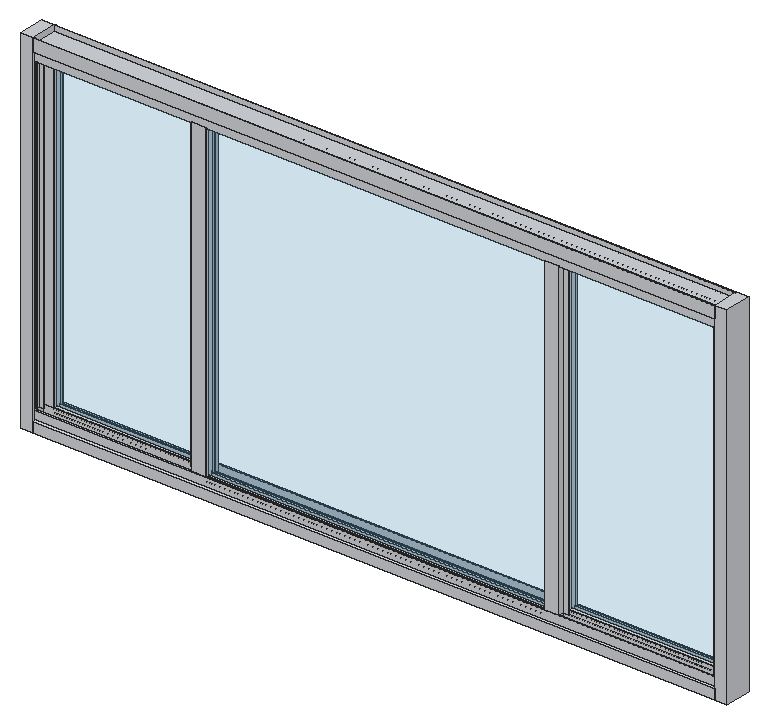
Revit family "MT-VMS_DB-SG_XOX", category Windows, host Wall, Revit 2017 (continued)
Definition of nested family "VMS_DB-SG_XOX_101mm"
  Definition of nested family "VMS_DB-SG_GLAZED PANEL"
    Definition of nested family "VMS_VM64_SILL DETAIL_FINE"
      Reference planes
        plane 1 "Center (Front/Back)": y = 0
        plane 2: z = 0
        plane 3 "Center (Left/Right)": x = 0
      Lines and regions (mm)
        model lines, in view "Ref. Level"
          curve 1: arc (4.124, -13.835, 0) -> (4.075, -13.45, 0) -> (4.124, -13.065, 0) r 1.525
          curve 2: arc (4.529, -12.365, 0) -> (4.813, -12.144, 0) -> (5.14, -11.996, 0) r 1.525
          curve 3: arc (6.06, -11.996, 0) -> (6.369, -12.133, 0) -> (6.64, -12.334, 0) r 1.525
          curve 4: arc (6.64, -12.334, 0) -> (7.145, -12.421, 0) -> (7.426, -11.992, 0) r 0.468
          curve 5: arc (7.426, -11.154, 0) -> (7.404, -11.062, 0) -> (7.342, -10.991, 0) r 0.2
          curve 6: arc (7.342, -10.991, 0) -> (6.899, -10.731, 0) -> (6.419, -10.55, 0) r 3.014
          curve 7: arc (6.419, -10.55, 0) -> (6.261, -10.442, 0) -> (6.2, -10.261, 0) r 0.3
          curve 8: arc (6.2, -1.5, 0) -> (6.288, -1.288, 0) -> (6.5, -1.2, 0) r 0.3
          curve 9: arc (12.312, -1.2, 0) -> (12.453, -1.259, 0) -> (12.512, -1.4, 0) r 0.2
          curve 10: arc (12.512, -25.5, 0) -> (12.453, -25.641, 0) -> (12.312, -25.7, 0) r 0.2
          curve 11: arc (8.4, -25.7, 0) -> (8.259, -25.641, 0) -> (8.2, -25.5, 0) r 0.2
          curve 12: arc (8.2, -23.8, 0) -> (8.141, -23.659, 0) -> (8, -23.6, 0) r 0.2
          curve 13: arc (6.5, -23.6, 0) -> (6.288, -23.512, 0) -> (6.2, -23.3, 0) r 0.3
          curve 14: arc (6.2, -16.639, 0) -> (6.261, -16.458, 0) -> (6.419, -16.35, 0) r 0.3
          curve 15: arc (6.419, -16.35, 0) -> (6.899, -16.169, 0) -> (7.342, -15.909, 0) r 3.014
          curve 16: arc (7.342, -15.909, 0) -> (7.404, -15.838, 0) -> (7.426, -15.746, 0) r 0.2
          curve 17: arc (7.426, -14.908, 0) -> (7.145, -14.479, 0) -> (6.64, -14.566, 0) r 0.468
          curve 18: arc (6.64, -14.566, 0) -> (6.369, -14.767, 0) -> (6.06, -14.904, 0) r 1.525
          curve 19: arc (5.14, -14.904, 0) -> (4.813, -14.756, 0) -> (4.529, -14.535, 0) r 1.525
          curve 20: arc (2.1, -11.652, 0) -> (2.188, -11.864, 0) -> (2.4, -11.952, 0) r 0.3
          curve 21: arc (2.4, -14.952, 0) -> (2.188, -15.04, 0) -> (2.1, -15.252, 0) r 0.3
          curve 22: arc (0.8, -15.352, 0) -> (0.4, -14.952, 0) -> (0, -15.352, 0) r 0.4
          curve 23: arc (0, -19.208, 0) -> (0.088, -19.42, 0) -> (0.3, -19.508, 0) r 0.3
          curve 24: arc (0.9, -19.508, 0) -> (1.112, -19.42, 0) -> (1.2, -19.208, 0) r 0.3
          curve 25: arc (1.2, -17.808, 0) -> (1.288, -17.596, 0) -> (1.5, -17.508, 0) r 0.3
          curve 26: arc (3, -17.508, 0) -> (3.212, -17.42, 0) -> (3.3, -17.208, 0) r 0.3
          curve 27: arc (3.3, -16.724, 0) -> (3.388, -16.512, 0) -> (3.6, -16.424, 0) r 0.3
          curve 28: arc (4.7, -16.424, 0) -> (4.912, -16.512, 0) -> (5, -16.724, 0) r 0.3
          curve 29: arc (5, -23.3, 0) -> (4.912, -23.512, 0) -> (4.7, -23.6, 0) r 0.3
          curve 30: arc (0.3, -23.6, 0) -> (0.088, -23.688, 0) -> (0, -23.9, 0) r 0.3
          curve 31: arc (0, -26.4, 0) -> (0.146, -26.753, 0) -> (0.5, -26.9, 0) r 0.5
          curve 32: arc (2.102, -26.9, 0) -> (2.502, -26.5, 0) -> (2.102, -26.1, 0) r 0.4
          curve 33: arc (5.902, -26.1, 0) -> (5.502, -26.5, 0) -> (5.902, -26.9, 0) r 0.4
          curve 34: arc (19.253, -26.9, 0) -> (19.6, -26.57, 0) -> (19.287, -26.207, 0) r 0.347
          curve 35: arc (16.352, -25.917, 0) -> (16.099, -25.719, 0) -> (16.17, -25.406, 0) r 0.3
          curve 36: arc (16.838, -24.738, 0) -> (16.935, -24.673, 0) -> (17.05, -24.65, 0) r 0.3
          curve 37: arc (27.288, -24.95, 0) -> (27.906, -24.424, 0) -> (27.486, -23.73, 0) r 0.626
          curve 38: arc (26.677, -23.46, 0) -> (26.497, -23.488, 0) -> (26.414, -23.65, 0) r 0.2
          curve 39: arc (25.177, -23.46, 0) -> (24.997, -23.488, 0) -> (24.914, -23.65, 0) r 0.2
          curve 40: arc (23.677, -23.46, 0) -> (23.497, -23.488, 0) -> (23.414, -23.65, 0) r 0.2
          curve 41: arc (16.553, -23.45, 0) -> (16.438, -23.473, 0) -> (16.341, -23.538, 0) r 0.3
          curve 42: arc (14.426, -25.452, 0) -> (14.099, -25.517, 0) -> (13.914, -25.24, 0) r 0.3
          curve 43: arc (13.914, -14.116, 0) -> (13.884, -13.963, 0) -> (13.797, -13.833, 0) r 0.4
          curve 44: arc (13.797, -13.067, 0) -> (13.884, -12.937, 0) -> (13.914, -12.784, 0) r 0.4
          curve 45: arc (13.914, -2.069, 0) -> (14.079, -1.801, 0) -> (14.392, -1.827, 0) r 0.3
          curve 46: arc (14.392, -1.827, 0) -> (18.05, -3.074, 0) -> (21.914, -2.976, 0) r 10.984
          curve 47: arc (21.914, -3.233, 0) -> (22.026, -3.412, 0) -> (22.236, -3.391, 0) r 0.2
          curve 48: arc (23.092, -2.731, 0) -> (23.302, -2.71, 0) -> (23.414, -2.889, 0) r 0.2
          curve 49: arc (23.414, -3.233, 0) -> (23.526, -3.412, 0) -> (23.736, -3.391, 0) r 0.2
          curve 50: arc (24.592, -2.731, 0) -> (24.802, -2.71, 0) -> (24.914, -2.889, 0) r 0.2
          curve 51: arc (24.914, -3.233, 0) -> (25.026, -3.412, 0) -> (25.236, -3.391, 0) r 0.2
          curve 52: arc (26.092, -2.731, 0) -> (26.302, -2.71, 0) -> (26.414, -2.889, 0) r 0.2
          curve 53: arc (26.414, -3.233, 0) -> (26.496, -3.394, 0) -> (26.674, -3.423, 0) r 0.2
          curve 54: arc (27.634, -3.121, 0) -> (27.837, -2.976, 0) -> (27.914, -2.739, 0) r 0.4
          curve 55: arc (27.914, -0.8, 0) -> (27.68, -0.234, 0) -> (27.114, 0, 0) r 0.8
          curve 56: arc (25.737, 0, 0) -> (25.642, -0.015, 0) -> (25.558, -0.06, 0) r 0.3
          curve 57: arc (25.558, -0.06, 0) -> (19.709, -2, 0) -> (13.86, -0.06, 0) r 9.784
          curve 58: arc (13.86, -0.06, 0) -> (13.776, -0.015, 0) -> (13.681, 0, 0) r 0.3
          curve 59: arc (0.5, 0, 0) -> (0.146, -0.146, 0) -> (0, -0.5, 0) r 0.5
          curve 60: arc (0, -3, 0) -> (0.088, -3.212, 0) -> (0.3, -3.3, 0) r 0.3
          curve 61: arc (0.9, -3.3, 0) -> (1.112, -3.212, 0) -> (1.2, -3, 0) r 0.3
          curve 62: arc (1.2, -1.5, 0) -> (1.288, -1.288, 0) -> (1.5, -1.2, 0) r 0.3
          curve 63: arc (4.7, -1.2, 0) -> (4.912, -1.288, 0) -> (5, -1.5, 0) r 0.3
          curve 64: arc (5, -10.176, 0) -> (4.912, -10.388, 0) -> (4.7, -10.476, 0) r 0.3
          curve 65: arc (3.6, -10.476, 0) -> (3.388, -10.388, 0) -> (3.3, -10.176, 0) r 0.3
          curve 66: arc (3.3, -9.692, 0) -> (3.212, -9.48, 0) -> (3, -9.392, 0) r 0.3
          curve 67: arc (1.5, -9.392, 0) -> (1.288, -9.304, 0) -> (1.2, -9.092, 0) r 0.3
          curve 68: arc (1.2, -7.692, 0) -> (1.112, -7.48, 0) -> (0.9, -7.392, 0) r 0.3
          curve 69: arc (0.3, -7.392, 0) -> (0.088, -7.48, 0) -> (0, -7.692, 0) r 0.3
          curve 70: arc (0, -11.552, 0) -> (0.4, -11.952, 0) -> (0.8, -11.552, 0) r 0.4
          curve 71: line (4.529, -14.535, 0) -> (3.976, -14.387, 0)
          curve 72: line (3.976, -14.387, 0) -> (4.124, -13.835, 0)
          curve 73: line (4.124, -13.065, 0) -> (3.976, -12.513, 0)
          curve 74: line (3.976, -12.513, 0) -> (4.529, -12.365, 0)
          curve 75: line (5.14, -11.996, 0) -> (5.6, -11.576, 0)
          curve 76: line (5.6, -11.576, 0) -> (6.06, -11.996, 0)
          curve 77: line (7.426, -11.992, 0) -> (7.426, -11.154, 0)
          curve 78: line (6.2, -10.261, 0) -> (6.2, -1.5, 0)
          curve 79: line (6.5, -1.2, 0) -> (12.312, -1.2, 0)
          curve 80: line (12.512, -1.4, 0) -> (12.512, -25.5, 0)
          curve 81: line (12.312, -25.7, 0) -> (8.4, -25.7, 0)
          curve 82: line (8.2, -25.5, 0) -> (8.2, -23.8, 0)
          curve 83: line (8, -23.6, 0) -> (6.5, -23.6, 0)
          curve 84: line (6.2, -23.3, 0) -> (6.2, -16.639, 0)
          curve 85: line (7.426, -15.746, 0) -> (7.426, -14.908, 0)
          curve 86: line (6.06, -14.904, 0) -> (5.6, -15.324, 0)
          curve 87: line (5.6, -15.324, 0) -> (5.14, -14.904, 0)
          curve 88: line (2.4, -11.952, 0) -> (2.776, -11.952, 0)
          curve 89: line (2.776, -11.952, 0) -> (2.776, -14.952, 0)
          curve 90: line (2.776, -14.952, 0) -> (2.4, -14.952, 0)
          curve 91: line (2.1, -15.252, 0) -> (2.1, -16.452, 0)
          curve 92: line (2.1, -16.452, 0) -> (0.8, -16.452, 0)
          curve 93: line (0.8, -16.452, 0) -> (0.8, -15.352, 0)
          curve 94: line (0, -15.352, 0) -> (0, -19.208, 0)
          curve 95: line (0.3, -19.508, 0) -> (0.9, -19.508, 0)
          curve 96: line (1.2, -19.208, 0) -> (1.2, -17.808, 0)
          curve 97: line (1.5, -17.508, 0) -> (3, -17.508, 0)
          curve 98: line (3.3, -17.208, 0) -> (3.3, -16.724, 0)
          curve 99: line (3.6, -16.424, 0) -> (4.7, -16.424, 0)
          curve 100: line (5, -16.724, 0) -> (5, -23.3, 0)
          curve 101: line (4.7, -23.6, 0) -> (0.3, -23.6, 0)
          curve 102: line (0, -23.9, 0) -> (0, -26.4, 0)
          curve 103: line (0.5, -26.9, 0) -> (2.102, -26.9, 0)
          curve 104: line (2.102, -26.1, 0) -> (1.202, -26.1, 0)
          curve 105: line (1.202, -26.1, 0) -> (1.202, -24.8, 0)
          curve 106: line (1.202, -24.8, 0) -> (6.802, -24.8, 0)
          curve 107: line (6.802, -24.8, 0) -> (6.802, -26.1, 0)
          curve 108: line (6.802, -26.1, 0) -> (5.902, -26.1, 0)
          curve 109: line (5.902, -26.9, 0) -> (19.253, -26.9, 0)
          curve 110: line (19.287, -26.207, 0) -> (16.352, -25.917, 0)
          curve 111: line (16.17, -25.406, 0) -> (16.838, -24.738, 0)
          curve 112: line (17.05, -24.65, 0) -> (22.146, -24.65, 0)
          curve 113: line (22.146, -24.65, 0) -> (23.924, -24.95, 0)
          curve 114: line (23.924, -24.95, 0) -> (27.288, -24.95, 0)
          curve 115: line (27.486, -23.73, 0) -> (26.677, -23.46, 0)
          curve 116: line (26.414, -23.65, 0) -> (26.414, -23.872, 0)
          curve 117: line (26.414, -23.872, 0) -> (25.177, -23.46, 0)
          curve 118: line (24.914, -23.65, 0) -> (24.914, -23.872, 0)
          curve 119: line (24.914, -23.872, 0) -> (23.677, -23.46, 0)
          curve 120: line (23.414, -23.761, 0) -> (22.146, -23.45, 0)
          curve 121: line (22.146, -23.45, 0) -> (16.553, -23.45, 0)
          curve 122: line (16.341, -23.538, 0) -> (14.426, -25.452, 0)
          curve 123: line (13.914, -25.24, 0) -> (13.914, -14.116, 0)
          curve 124: line (13.797, -13.833, 0) -> (13.414, -13.45, 0)
          curve 125: line (13.414, -13.45, 0) -> (13.797, -13.067, 0)
          curve 126: line (13.914, -12.784, 0) -> (13.914, -2.069, 0)
          curve 127: line (21.914, -2.976, 0) -> (21.914, -3.233, 0)
          curve 128: line (22.236, -3.391, 0) -> (23.092, -2.731, 0)
          curve 129: line (23.414, -2.889, 0) -> (23.414, -3.233, 0)
          curve 130: line (23.736, -3.391, 0) -> (24.592, -2.731, 0)
          curve 131: line (24.914, -2.889, 0) -> (24.914, -3.233, 0)
          curve 132: line (25.236, -3.391, 0) -> (26.092, -2.731, 0)
          curve 133: line (26.414, -2.889, 0) -> (26.414, -3.233, 0)
          curve 134: line (26.674, -3.423, 0) -> (27.634, -3.121, 0)
          curve 135: line (27.914, -2.739, 0) -> (27.914, -0.8, 0)
          curve 136: line (27.114, 0, 0) -> (25.737, 0, 0)
          curve 137: line (13.681, 0, 0) -> (0.5, 0, 0)
          curve 138: line (0, -0.5, 0) -> (0, -3, 0)
          curve 139: line (0.3, -3.3, 0) -> (0.9, -3.3, 0)
          curve 140: line (1.2, -3, 0) -> (1.2, -1.5, 0)
          curve 141: line (1.5, -1.2, 0) -> (4.7, -1.2, 0)
          curve 142: line (5, -1.5, 0) -> (5, -10.176, 0)
          curve 143: line (4.7, -10.476, 0) -> (3.6, -10.476, 0)
          curve 144: line (3.3, -10.176, 0) -> (3.3, -9.692, 0)
          curve 145: line (3, -9.392, 0) -> (1.5, -9.392, 0)
          curve 146: line (1.2, -9.092, 0) -> (1.2, -7.692, 0)
          curve 147: line (0.9, -7.392, 0) -> (0.3, -7.392, 0)
          curve 148: line (0, -7.692, 0) -> (0, -11.552, 0)
          curve 149: line (0.8, -11.552, 0) -> (0.8, -10.452, 0)
          curve 150: line (0.8, -10.452, 0) -> (2.1, -10.452, 0)
          curve 151: line (2.1, -10.452, 0) -> (2.1, -11.652, 0)
    Definition of nested family "VMS_VM64_SILL DETAIL_MEDIUM"
      Reference planes
        plane 1 "Center (Front/Back)": y = 0
        plane 2: z = 0
        plane 3 "Center (Left/Right)": x = 0
      Lines and regions (mm)
        model lines, in view "Ref. Level"
          curve 1: line (1.202, -1.2, 0) -> (5, -1.2, 0)
          curve 2: line (12.512, -1.2, 0) -> (12.512, -25.7, 0)
          curve 3: line (12.512, -25.7, 0) -> (6.2, -25.7, 0)
          curve 4: line (6.2, -25.7, 0) -> (6.2, -1.2, 0)
          curve 5: line (5, -1.2, 0) -> (5, -25.7, 0)
          curve 6: line (0, 0, 0) -> (0, -26.9, 0)
          curve 7: line (1.202, -25.7, 0) -> (1.202, -1.2, 0)
          curve 8: line (0, -26.9, 0) -> (19.287, -26.9, 0)
          curve 9: line (19.287, -26.207, 0) -> (15.721, -25.854, 0)
          curve 10: line (15.721, -25.854, 0) -> (16.926, -24.65, 0)
          curve 11: line (16.926, -24.65, 0) -> (27.914, -24.65, 0)
          curve 12: line (27.914, -23.45, 0) -> (16.429, -23.45, 0)
          curve 13: line (16.429, -23.45, 0) -> (13.914, -25.965, 0)
          curve 14: line (13.914, -25.965, 0) -> (13.914, -1.2, 0)
          curve 15: line (27.914, -24.65, 0) -> (27.914, -23.45, 0)
          curve 16: line (27.914, 0, 0) -> (0, 0, 0)
          curve 18: line (6.2, -1.2, 0) -> (12.512, -1.2, 0)
          curve 19: line (5, -25.7, 0) -> (1.202, -25.7, 0)
          curve 20: line (27.914, -1.2, 0) -> (27.914, 0, 0)
          curve 21: line (13.914, -1.2, 0) -> (27.914, -1.2, 0)
        detail lines, in view "Ref. Level"
          curve 17: line (19.287, -26.207, 0) -> (19.287, -26.9, 0)
    Definition of nested family "VMS_VM5_SILL DETAIL_FINE"
      Reference planes
        plane 1 "Center (Front/Back)": y = 0
        plane 2: z = 0
        plane 3 "Center (Left/Right)": x = 0
      Lines and regions (mm)
        model lines, in view "Ref. Level"
          curve 1: arc (26.9, 5.9, 0) -> (26.783, 5.617, 0) -> (26.5, 5.5, 0) r 0.4
          curve 2: arc (26.5, 5.5, 0) -> (26.217, 5.617, 0) -> (26.1, 5.9, 0) r 0.4
          curve 3: arc (26.1, 2.1, 0) -> (26.217, 2.383, 0) -> (26.5, 2.5, 0) r 0.4
          curve 4: arc (26.5, 2.5, 0) -> (26.783, 2.383, 0) -> (26.9, 2.1, 0) r 0.4
          curve 5: arc (26.9, 0.5, 0) -> (26.754, 0.146, 0) -> (26.4, 0, 0) r 0.5
          curve 6: arc (23.9, 0, 0) -> (23.688, 0.088, 0) -> (23.6, 0.3, 0) r 0.3
          curve 7: arc (23.6, 4.7, 0) -> (23.512, 4.912, 0) -> (23.3, 5, 0) r 0.3
          curve 8: arc (16.724, 5, 0) -> (16.512, 4.912, 0) -> (16.424, 4.7, 0) r 0.3
          curve 9: arc (16.424, 3.6, 0) -> (16.512, 3.388, 0) -> (16.724, 3.3, 0) r 0.3
          curve 10: arc (17.208, 3.3, 0) -> (17.42, 3.212, 0) -> (17.508, 3, 0) r 0.3
          curve 11: arc (17.508, 1.5, 0) -> (17.596, 1.288, 0) -> (17.808, 1.2, 0) r 0.3
          curve 12: arc (19.208, 1.2, 0) -> (19.42, 1.112, 0) -> (19.508, 0.9, 0) r 0.3
          curve 13: arc (19.508, 0.3, 0) -> (19.42, 0.088, 0) -> (19.208, 0, 0) r 0.3
          curve 14: arc (15.348, 0, 0) -> (14.948, 0.4, 0) -> (15.348, 0.8, 0) r 0.4
          curve 15: arc (15.248, 2.1, 0) -> (15.036, 2.188, 0) -> (14.948, 2.4, 0) r 0.3
          curve 16: arc (11.948, 2.4, 0) -> (11.86, 2.188, 0) -> (11.648, 2.1, 0) r 0.3
          curve 17: arc (11.548, 0.8, 0) -> (11.948, 0.4, 0) -> (11.548, 0, 0) r 0.4
          curve 18: arc (7.692, 0, 0) -> (7.48, 0.088, 0) -> (7.392, 0.3, 0) r 0.3
          curve 19: arc (7.392, 0.9, 0) -> (7.48, 1.112, 0) -> (7.692, 1.2, 0) r 0.3
          curve 20: arc (9.092, 1.2, 0) -> (9.304, 1.288, 0) -> (9.392, 1.5, 0) r 0.3
          curve 21: arc (9.392, 3, 0) -> (9.48, 3.212, 0) -> (9.692, 3.3, 0) r 0.3
          curve 22: arc (10.176, 3.3, 0) -> (10.388, 3.388, 0) -> (10.476, 3.6, 0) r 0.3
          curve 23: arc (10.476, 4.7, 0) -> (10.388, 4.912, 0) -> (10.176, 5, 0) r 0.3
          curve 24: arc (3.6, 5, 0) -> (3.388, 4.912, 0) -> (3.3, 4.7, 0) r 0.3
          curve 25: arc (3.3, 0.3, 0) -> (3.212, 0.088, 0) -> (3, 0, 0) r 0.3
          curve 26: arc (0.5, 0, 0) -> (0.146, 0.146, 0) -> (0, 0.5, 0) r 0.5
          curve 27: arc (0, 2.1, 0) -> (0.117, 2.383, 0) -> (0.4, 2.5, 0) r 0.4
          curve 28: arc (0.4, 2.5, 0) -> (0.683, 2.383, 0) -> (0.8, 2.1, 0) r 0.4
          curve 29: arc (0.8, 5.9, 0) -> (0.683, 5.617, 0) -> (0.4, 5.5, 0) r 0.4
          curve 30: arc (0.4, 5.5, 0) -> (0.117, 5.617, 0) -> (0, 5.9, 0) r 0.4
          curve 31: arc (0, 13.679, 0) -> (0.015, 13.774, 0) -> (0.06, 13.858, 0) r 0.3
          curve 32: arc (0.06, 13.858, 0) -> (2, 19.707, 0) -> (0.06, 25.556, 0) r 9.784
          curve 33: arc (0.06, 25.556, 0) -> (0.015, 25.64, 0) -> (0, 25.735, 0) r 0.3
          curve 34: arc (0, 27.112, 0) -> (0.234, 27.678, 0) -> (0.8, 27.912, 0) r 0.8
          curve 35: arc (6.489, 27.912, 0) -> (6.723, 27.837, 0) -> (6.869, 27.639, 0) r 0.4
          curve 36: arc (7.19, 26.675, 0) -> (7.162, 26.495, 0) -> (7, 26.412, 0) r 0.2
          curve 37: arc (7.19, 25.175, 0) -> (7.162, 24.995, 0) -> (7, 24.912, 0) r 0.2
          curve 38: arc (7.19, 23.675, 0) -> (7.162, 23.495, 0) -> (7, 23.412, 0) r 0.2
          curve 39: arc (7.19, 22.175, 0) -> (7.162, 21.995, 0) -> (7, 21.912, 0) r 0.2
          curve 40: arc (6.362, 21.912, 0) -> (6.187, 21.969, 0) -> (6.078, 22.117, 0) r 0.3
          curve 41: arc (5.4, 26.112, 0) -> (5.312, 26.324, 0) -> (5.1, 26.412, 0) r 0.3
          curve 42: arc (1.879, 26.412, 0) -> (1.441, 26.152, 0) -> (1.459, 25.642, 0) r 0.5
          curve 43: arc (1.459, 25.642, 0) -> (3.194, 20.067, 0) -> (1.827, 14.39, 0) r 10.984
          curve 44: arc (1.827, 14.39, 0) -> (1.801, 14.077, 0) -> (2.069, 13.912, 0) r 0.3
          curve 45: arc (12.784, 13.912, 0) -> (12.937, 13.882, 0) -> (13.067, 13.795, 0) r 0.4
          curve 46: arc (13.833, 13.795, 0) -> (13.963, 13.882, 0) -> (14.116, 13.912, 0) r 0.4
          curve 47: arc (24.831, 13.912, 0) -> (25.099, 14.077, 0) -> (25.073, 14.39, 0) r 0.3
          curve 48: arc (25.073, 14.39, 0) -> (23.706, 20.067, 0) -> (25.441, 25.642, 0) r 10.984
          curve 49: arc (25.441, 25.642, 0) -> (25.459, 26.152, 0) -> (25.021, 26.412, 0) r 0.5
          curve 50: arc (21.8, 26.412, 0) -> (21.588, 26.324, 0) -> (21.5, 26.112, 0) r 0.3
          curve 51: arc (20.822, 22.117, 0) -> (20.713, 21.969, 0) -> (20.538, 21.912, 0) r 0.3
          curve 52: arc (19.9, 21.912, 0) -> (19.738, 21.995, 0) -> (19.71, 22.175, 0) r 0.2
          curve 53: arc (19.9, 23.412, 0) -> (19.738, 23.495, 0) -> (19.71, 23.675, 0) r 0.2
          curve 54: arc (19.9, 24.912, 0) -> (19.738, 24.995, 0) -> (19.71, 25.175, 0) r 0.2
          curve 55: arc (19.9, 26.412, 0) -> (19.738, 26.495, 0) -> (19.71, 26.675, 0) r 0.2
          curve 56: arc (20.031, 27.639, 0) -> (20.177, 27.837, 0) -> (20.411, 27.912, 0) r 0.4
          curve 57: arc (26.1, 27.912, 0) -> (26.666, 27.678, 0) -> (26.9, 27.112, 0) r 0.8
          curve 58: arc (26.9, 25.735, 0) -> (26.885, 25.64, 0) -> (26.84, 25.556, 0) r 0.3
          curve 59: arc (26.84, 25.556, 0) -> (24.9, 19.707, 0) -> (26.84, 13.858, 0) r 9.784
          curve 60: arc (26.84, 13.858, 0) -> (26.885, 13.774, 0) -> (26.9, 13.679, 0) r 0.3
          curve 61: arc (10.55, 6.419, 0) -> (10.731, 6.899, 0) -> (10.991, 7.342, 0) r 3.014
          curve 62: arc (10.991, 7.342, 0) -> (11.062, 7.404, 0) -> (11.154, 7.426, 0) r 0.2
          curve 63: arc (11.992, 7.426, 0) -> (12.421, 7.145, 0) -> (12.334, 6.64, 0) r 0.468
          curve 64: arc (12.334, 6.64, 0) -> (12.133, 6.369, 0) -> (11.996, 6.06, 0) r 1.525
          curve 65: arc (11.996, 5.14, 0) -> (12.144, 4.813, 0) -> (12.365, 4.529, 0) r 1.525
          curve 66: arc (13.065, 4.124, 0) -> (13.45, 4.075, 0) -> (13.835, 4.124, 0) r 1.525
          curve 67: arc (14.535, 4.529, 0) -> (14.756, 4.813, 0) -> (14.904, 5.14, 0) r 1.525
          curve 68: arc (14.904, 6.06, 0) -> (14.767, 6.369, 0) -> (14.566, 6.64, 0) r 1.525
          curve 69: arc (14.566, 6.64, 0) -> (14.479, 7.145, 0) -> (14.908, 7.426, 0) r 0.468
          curve 70: arc (15.746, 7.426, 0) -> (15.838, 7.404, 0) -> (15.909, 7.342, 0) r 0.2
          curve 71: arc (15.909, 7.342, 0) -> (16.169, 6.899, 0) -> (16.35, 6.419, 0) r 3.014
          curve 72: arc (16.35, 6.419, 0) -> (16.458, 6.261, 0) -> (16.639, 6.2, 0) r 0.3
          curve 73: arc (23.3, 6.2, 0) -> (23.512, 6.288, 0) -> (23.6, 6.5, 0) r 0.3
          curve 74: arc (23.6, 8, 0) -> (23.659, 8.141, 0) -> (23.8, 8.2, 0) r 0.2
          curve 75: arc (25.5, 8.2, 0) -> (25.641, 8.259, 0) -> (25.7, 8.4, 0) r 0.2
          curve 76: arc (25.7, 12.312, 0) -> (25.641, 12.453, 0) -> (25.5, 12.512, 0) r 0.2
          curve 77: arc (1.4, 12.512, 0) -> (1.259, 12.453, 0) -> (1.2, 12.312, 0) r 0.2
          curve 78: arc (1.2, 8.4, 0) -> (1.259, 8.259, 0) -> (1.4, 8.2, 0) r 0.2
          curve 79: arc (3.1, 8.2, 0) -> (3.241, 8.141, 0) -> (3.3, 8, 0) r 0.2
          curve 80: arc (3.3, 6.5, 0) -> (3.388, 6.288, 0) -> (3.6, 6.2, 0) r 0.3
          curve 81: line (26.1, 5.9, 0) -> (26.1, 7, 0)
          curve 82: line (26.1, 7, 0) -> (24.8, 7, 0)
          curve 83: line (24.8, 7, 0) -> (24.8, 1, 0)
          curve 84: line (24.8, 1, 0) -> (26.1, 1, 0)
          curve 85: line (26.1, 1, 0) -> (26.1, 2.1, 0)
          curve 86: line (26.9, 2.1, 0) -> (26.9, 0.5, 0)
          curve 87: line (26.4, 0, 0) -> (23.9, 0, 0)
          curve 88: line (23.6, 0.3, 0) -> (23.6, 4.7, 0)
          curve 89: line (23.3, 5, 0) -> (16.724, 5, 0)
          curve 90: line (16.424, 4.7, 0) -> (16.424, 3.6, 0)
          curve 91: line (16.724, 3.3, 0) -> (17.208, 3.3, 0)
          curve 92: line (17.508, 3, 0) -> (17.508, 1.5, 0)
          curve 93: line (17.808, 1.2, 0) -> (19.208, 1.2, 0)
          curve 94: line (19.508, 0.9, 0) -> (19.508, 0.3, 0)
          curve 95: line (19.208, 0, 0) -> (15.348, 0, 0)
          curve 96: line (15.348, 0.8, 0) -> (16.448, 0.8, 0)
          curve 97: line (16.448, 0.8, 0) -> (16.448, 2.1, 0)
          curve 98: line (16.448, 2.1, 0) -> (15.248, 2.1, 0)
          curve 99: line (14.948, 2.4, 0) -> (14.948, 2.776, 0)
          curve 100: line (14.948, 2.776, 0) -> (11.948, 2.776, 0)
          curve 101: line (11.948, 2.776, 0) -> (11.948, 2.4, 0)
          curve 102: line (11.648, 2.1, 0) -> (10.448, 2.1, 0)
          curve 103: line (10.448, 2.1, 0) -> (10.448, 0.8, 0)
          curve 104: line (10.448, 0.8, 0) -> (11.548, 0.8, 0)
          curve 105: line (11.548, 0, 0) -> (7.692, 0, 0)
          curve 106: line (7.392, 0.3, 0) -> (7.392, 0.9, 0)
          curve 107: line (7.692, 1.2, 0) -> (9.092, 1.2, 0)
          curve 108: line (9.392, 1.5, 0) -> (9.392, 3, 0)
          curve 109: line (9.692, 3.3, 0) -> (10.176, 3.3, 0)
          curve 110: line (10.476, 3.6, 0) -> (10.476, 4.7, 0)
          curve 111: line (10.176, 5, 0) -> (3.6, 5, 0)
          curve 112: line (3.3, 4.7, 0) -> (3.3, 0.3, 0)
          curve 113: line (3, 0, 0) -> (0.5, 0, 0)
          curve 114: line (0, 0.5, 0) -> (0, 2.1, 0)
          curve 115: line (0.8, 2.1, 0) -> (0.8, 1, 0)
          curve 116: line (0.8, 1, 0) -> (2.1, 1, 0)
          curve 117: line (2.1, 1, 0) -> (2.1, 7, 0)
          curve 118: line (2.1, 7, 0) -> (0.8, 7, 0)
          curve 119: line (0.8, 7, 0) -> (0.8, 5.9, 0)
          curve 120: line (0, 5.9, 0) -> (0, 13.679, 0)
          curve 121: line (0, 25.735, 0) -> (0, 27.112, 0)
          curve 122: line (0.8, 27.912, 0) -> (6.489, 27.912, 0)
          curve 123: line (6.869, 27.639, 0) -> (7.19, 26.675, 0)
          curve 124: line (7, 26.412, 0) -> (6.777, 26.412, 0)
          curve 125: line (6.777, 26.412, 0) -> (7.19, 25.175, 0)
          curve 126: line (7, 24.912, 0) -> (6.777, 24.912, 0)
          curve 127: line (6.777, 24.912, 0) -> (7.19, 23.675, 0)
          curve 128: line (7, 23.412, 0) -> (6.777, 23.412, 0)
          curve 129: line (6.777, 23.412, 0) -> (7.19, 22.175, 0)
          curve 130: line (7, 21.912, 0) -> (6.362, 21.912, 0)
          curve 131: line (6.078, 22.117, 0) -> (5.415, 24.104, 0)
          curve 132: line (5.415, 24.104, 0) -> (5.4, 26.112, 0)
          curve 133: line (5.1, 26.412, 0) -> (1.879, 26.412, 0)
          curve 134: line (2.069, 13.912, 0) -> (12.784, 13.912, 0)
          curve 135: line (13.067, 13.795, 0) -> (13.45, 13.412, 0)
          curve 136: line (13.45, 13.412, 0) -> (13.833, 13.795, 0)
          curve 137: line (14.116, 13.912, 0) -> (24.831, 13.912, 0)
          curve 138: line (25.021, 26.412, 0) -> (21.8, 26.412, 0)
          curve 139: line (21.5, 26.112, 0) -> (21.5, 24.198, 0)
          curve 140: line (21.5, 24.198, 0) -> (20.822, 22.117, 0)
          curve 141: line (20.538, 21.912, 0) -> (19.9, 21.912, 0)
          curve 142: line (19.71, 22.175, 0) -> (20.123, 23.412, 0)
          curve 143: line (20.123, 23.412, 0) -> (19.9, 23.412, 0)
          curve 144: line (19.71, 23.675, 0) -> (20.123, 24.912, 0)
          curve 145: line (20.123, 24.912, 0) -> (19.9, 24.912, 0)
          curve 146: line (19.71, 25.175, 0) -> (20.123, 26.412, 0)
          curve 147: line (20.123, 26.412, 0) -> (19.9, 26.412, 0)
          curve 148: line (19.71, 26.675, 0) -> (20.031, 27.639, 0)
          curve 149: line (20.411, 27.912, 0) -> (26.1, 27.912, 0)
          curve 150: line (26.9, 27.112, 0) -> (26.9, 25.735, 0)
          curve 151: line (26.9, 13.679, 0) -> (26.9, 5.9, 0)
          curve 152: line (11.154, 7.426, 0) -> (11.992, 7.426, 0)
          curve 153: line (11.996, 6.06, 0) -> (11.576, 5.6, 0)
          curve 154: line (11.576, 5.6, 0) -> (11.996, 5.14, 0)
          curve 155: line (12.365, 4.529, 0) -> (12.513, 3.976, 0)
          curve 156: line (12.513, 3.976, 0) -> (13.065, 4.124, 0)
          curve 157: line (13.835, 4.124, 0) -> (14.387, 3.976, 0)
          curve 158: line (14.387, 3.976, 0) -> (14.535, 4.529, 0)
          curve 159: line (14.904, 5.14, 0) -> (15.324, 5.6, 0)
          curve 160: line (15.324, 5.6, 0) -> (14.904, 6.06, 0)
          curve 161: line (14.908, 7.426, 0) -> (15.746, 7.426, 0)
          curve 162: line (16.639, 6.2, 0) -> (23.3, 6.2, 0)
          curve 163: line (23.6, 6.5, 0) -> (23.6, 8, 0)
          curve 164: line (23.8, 8.2, 0) -> (25.5, 8.2, 0)
          curve 165: line (25.7, 8.4, 0) -> (25.7, 12.312, 0)
          curve 166: line (25.5, 12.512, 0) -> (1.4, 12.512, 0)
          curve 167: line (1.2, 12.312, 0) -> (1.2, 8.4, 0)
          curve 168: line (1.4, 8.2, 0) -> (3.1, 8.2, 0)
          curve 169: line (3.3, 8, 0) -> (3.3, 6.5, 0)
          curve 170: line (3.6, 6.2, 0) -> (10.261, 6.2, 0)
          curve 171: arc (10.261, 6.2, 0) -> (10.442, 6.261, 0) -> (10.55, 6.419, 0) r 0.3
    Definition of nested family "VMS_VM5_SILL DETAIL_MEDIUM"
      Reference planes
        plane 1 "Center (Front/Back)": y = 0
        plane 2: z = 0
        plane 3 "Center (Left/Right)": x = 0
      Lines and regions (mm)
        model lines, in view "Ref. Level"
          curve 1: line (1.2, 1, 0) -> (25.7, 1, 0)
          curve 2: line (26.9, 0, 0) -> (0, 0, 0)
          curve 3: line (25.7, 5, 0) -> (1.2, 5, 0)
          curve 4: line (0, 0, 0) -> (0, 27.912, 0)
          curve 5: line (0, 27.912, 0) -> (6.489, 27.912, 0)
          curve 6: line (6.489, 21.912, 0) -> (5.432, 21.912, 0)
          curve 7: line (5.432, 21.912, 0) -> (5.398, 26.412, 0)
          curve 8: line (5.398, 26.412, 0) -> (1.2, 26.412, 0)
          curve 9: line (1.2, 13.912, 0) -> (25.7, 13.912, 0)
          curve 10: line (25.7, 26.412, 0) -> (21.5, 26.412, 0)
          curve 11: line (21.5, 26.412, 0) -> (21.5, 21.912, 0)
          curve 12: line (21.5, 21.912, 0) -> (20.411, 21.912, 0)
          curve 13: line (20.411, 27.912, 0) -> (26.9, 27.912, 0)
          curve 14: line (26.9, 27.912, 0) -> (26.9, 0, 0)
          curve 15: line (1.2, 6.2, 0) -> (25.7, 6.2, 0)
          curve 16: line (25.7, 1, 0) -> (25.7, 5, 0)
          curve 17: line (25.7, 12.512, 0) -> (1.2, 12.512, 0)
          curve 18: line (1.2, 26.412, 0) -> (1.2, 13.912, 0)
          curve 19: line (1.2, 5, 0) -> (1.2, 1, 0)
          curve 20: line (25.7, 13.912, 0) -> (25.7, 26.412, 0)
          curve 21: line (1.2, 12.512, 0) -> (1.2, 6.2, 0)
          curve 22: line (25.7, 6.2, 0) -> (25.7, 12.512, 0)
        detail lines, in view "Ref. Level"
          curve 23: line (6.489, 27.912, 0) -> (6.489, 21.912, 0)
          curve 24: line (20.411, 27.912, 0) -> (20.411, 21.912, 0)
    Definition of nested family "VMS_VM66_SILL DETAIL_FINE"
      Reference planes
        plane 1 "Center (Front/Back)": y = 0
        plane 2: z = 0
        plane 3 "Center (Left/Right)": x = 0
      Lines and regions (mm)
        model lines, in view "Ref. Level"
          curve 1: arc (11.648, 2.1, 0) -> (11.86, 2.188, 0) -> (11.948, 2.4, 0) r 0.3
          curve 2: arc (14.948, 2.4, 0) -> (15.036, 2.188, 0) -> (15.248, 2.1, 0) r 0.3
          curve 3: arc (15.348, 0.8, 0) -> (14.948, 0.4, 0) -> (15.348, 0, 0) r 0.4
          curve 4: arc (19.208, 0, 0) -> (19.42, 0.088, 0) -> (19.508, 0.3, 0) r 0.3
          curve 5: arc (19.508, 0.9, 0) -> (19.42, 1.112, 0) -> (19.208, 1.2, 0) r 0.3
          curve 6: arc (17.808, 1.2, 0) -> (17.596, 1.288, 0) -> (17.508, 1.5, 0) r 0.3
          curve 7: arc (17.508, 3, 0) -> (17.42, 3.212, 0) -> (17.208, 3.3, 0) r 0.3
          curve 8: arc (16.724, 3.3, 0) -> (16.512, 3.388, 0) -> (16.424, 3.6, 0) r 0.3
          curve 9: arc (16.424, 4.7, 0) -> (16.512, 4.912, 0) -> (16.724, 5, 0) r 0.3
          curve 10: arc (23.3, 5, 0) -> (23.512, 4.912, 0) -> (23.6, 4.7, 0) r 0.3
          curve 11: arc (23.6, 0.3, 0) -> (23.688, 0.088, 0) -> (23.9, 0, 0) r 0.3
          curve 12: arc (26.4, 0, 0) -> (26.753, 0.146, 0) -> (26.9, 0.5, 0) r 0.5
          curve 13: arc (26.9, 2.1, 0) -> (26.5, 2.5, 0) -> (26.1, 2.1, 0) r 0.4
          curve 14: arc (26.1, 5.9, 0) -> (26.5, 5.5, 0) -> (26.9, 5.9, 0) r 0.4
          curve 15: arc (26.9, 13.679, 0) -> (26.885, 13.774, 0) -> (26.84, 13.858, 0) r 0.3
          curve 16: arc (26.84, 13.858, 0) -> (24.9, 19.707, 0) -> (26.84, 25.556, 0) r 9.784
          curve 17: arc (26.84, 25.556, 0) -> (26.885, 25.64, 0) -> (26.9, 25.735, 0) r 0.3
          curve 18: arc (26.9, 27.112, 0) -> (26.666, 27.678, 0) -> (26.1, 27.912, 0) r 0.8
          curve 19: arc (24.161, 27.912, 0) -> (23.924, 27.835, 0) -> (23.779, 27.632, 0) r 0.4
          curve 20: arc (23.477, 26.672, 0) -> (23.506, 26.494, 0) -> (23.667, 26.412, 0) r 0.2
          curve 21: arc (24.011, 26.412, 0) -> (24.19, 26.3, 0) -> (24.169, 26.09, 0) r 0.2
          curve 22: arc (23.509, 25.234, 0) -> (23.488, 25.024, 0) -> (23.667, 24.912, 0) r 0.2
          curve 23: arc (24.011, 24.912, 0) -> (24.19, 24.8, 0) -> (24.169, 24.59, 0) r 0.2
          curve 24: arc (23.509, 23.734, 0) -> (23.488, 23.524, 0) -> (23.667, 23.412, 0) r 0.2
          curve 25: arc (24.011, 23.412, 0) -> (24.19, 23.3, 0) -> (24.169, 23.09, 0) r 0.2
          curve 26: arc (23.509, 22.234, 0) -> (23.488, 22.024, 0) -> (23.667, 21.912, 0) r 0.2
          curve 27: arc (23.924, 21.912, 0) -> (23.826, 18.048, 0) -> (25.073, 14.39, 0) r 10.984
          curve 28: arc (25.073, 14.39, 0) -> (25.099, 14.077, 0) -> (24.831, 13.912, 0) r 0.3
          curve 29: arc (14.116, 13.912, 0) -> (13.963, 13.882, 0) -> (13.833, 13.795, 0) r 0.4
          curve 30: arc (13.067, 13.795, 0) -> (12.937, 13.882, 0) -> (12.784, 13.912, 0) r 0.4
          curve 31: arc (2.069, 13.912, 0) -> (1.801, 14.077, 0) -> (1.827, 14.39, 0) r 0.3
          curve 32: arc (1.827, 14.39, 0) -> (3.074, 18.048, 0) -> (2.976, 21.912, 0) r 10.984
          curve 33: arc (3.233, 21.912, 0) -> (3.412, 22.024, 0) -> (3.391, 22.234, 0) r 0.2
          curve 34: arc (2.731, 23.09, 0) -> (2.71, 23.3, 0) -> (2.889, 23.412, 0) r 0.2
          curve 35: arc (3.233, 23.412, 0) -> (3.412, 23.524, 0) -> (3.391, 23.734, 0) r 0.2
          curve 36: arc (2.731, 24.59, 0) -> (2.71, 24.8, 0) -> (2.889, 24.912, 0) r 0.2
          curve 37: arc (3.233, 24.912, 0) -> (3.412, 25.024, 0) -> (3.391, 25.234, 0) r 0.2
          curve 38: arc (2.731, 26.09, 0) -> (2.71, 26.3, 0) -> (2.889, 26.412, 0) r 0.2
          curve 39: arc (3.233, 26.412, 0) -> (3.394, 26.494, 0) -> (3.423, 26.672, 0) r 0.2
          curve 40: arc (3.121, 27.632, 0) -> (2.976, 27.835, 0) -> (2.739, 27.912, 0) r 0.4
          curve 41: arc (0.8, 27.912, 0) -> (0.234, 27.678, 0) -> (0, 27.112, 0) r 0.8
          curve 42: arc (0, 25.735, 0) -> (0.015, 25.64, 0) -> (0.06, 25.556, 0) r 0.3
          curve 43: arc (0.06, 25.556, 0) -> (2, 19.707, 0) -> (0.06, 13.858, 0) r 9.784
          curve 44: arc (0.06, 13.858, 0) -> (0.015, 13.774, 0) -> (0, 13.679, 0) r 0.3
          curve 45: arc (0, 5.9, 0) -> (0.4, 5.5, 0) -> (0.8, 5.9, 0) r 0.4
          curve 46: arc (0.8, 2.1, 0) -> (0.4, 2.5, 0) -> (0, 2.1, 0) r 0.4
          curve 47: arc (0, 0.5, 0) -> (0.146, 0.146, 0) -> (0.5, 0, 0) r 0.5
          curve 48: arc (3, 0, 0) -> (3.212, 0.088, 0) -> (3.3, 0.3, 0) r 0.3
          curve 49: arc (3.3, 4.7, 0) -> (3.388, 4.912, 0) -> (3.6, 5, 0) r 0.3
          curve 50: arc (10.176, 5, 0) -> (10.388, 4.912, 0) -> (10.476, 4.7, 0) r 0.3
          curve 51: arc (10.476, 3.6, 0) -> (10.388, 3.388, 0) -> (10.176, 3.3, 0) r 0.3
          curve 52: arc (9.692, 3.3, 0) -> (9.48, 3.212, 0) -> (9.392, 3, 0) r 0.3
          curve 53: arc (9.392, 1.5, 0) -> (9.304, 1.288, 0) -> (9.092, 1.2, 0) r 0.3
          curve 54: arc (7.692, 1.2, 0) -> (7.48, 1.112, 0) -> (7.392, 0.9, 0) r 0.3
          curve 55: arc (7.392, 0.3, 0) -> (7.48, 0.088, 0) -> (7.692, 0, 0) r 0.3
          curve 56: arc (11.548, 0, 0) -> (11.948, 0.4, 0) -> (11.548, 0.8, 0) r 0.4
          curve 57: arc (12.365, 4.529, 0) -> (12.144, 4.813, 0) -> (11.996, 5.14, 0) r 1.525
          curve 58: arc (11.996, 6.06, 0) -> (12.133, 6.369, 0) -> (12.334, 6.64, 0) r 1.525
          curve 59: arc (12.334, 6.64, 0) -> (12.421, 7.145, 0) -> (11.992, 7.426, 0) r 0.468
          curve 60: arc (11.154, 7.426, 0) -> (11.062, 7.404, 0) -> (10.991, 7.342, 0) r 0.2
          curve 61: arc (10.991, 7.342, 0) -> (10.731, 6.899, 0) -> (10.55, 6.419, 0) r 3.014
          curve 62: arc (10.55, 6.419, 0) -> (10.442, 6.261, 0) -> (10.261, 6.2, 0) r 0.3
          curve 63: arc (3.6, 6.2, 0) -> (3.388, 6.288, 0) -> (3.3, 6.5, 0) r 0.3
          curve 64: arc (3.3, 8, 0) -> (3.241, 8.141, 0) -> (3.1, 8.2, 0) r 0.2
          curve 65: arc (1.4, 8.2, 0) -> (1.259, 8.258, 0) -> (1.2, 8.4, 0) r 0.2
          curve 66: arc (1.2, 12.312, 0) -> (1.259, 12.453, 0) -> (1.4, 12.512, 0) r 0.2
          curve 67: arc (25.5, 12.512, 0) -> (25.641, 12.453, 0) -> (25.7, 12.312, 0) r 0.2
          curve 68: arc (25.7, 8.4, 0) -> (25.641, 8.258, 0) -> (25.5, 8.2, 0) r 0.2
          curve 69: arc (23.8, 8.2, 0) -> (23.659, 8.141, 0) -> (23.6, 8, 0) r 0.2
          curve 70: arc (23.6, 6.5, 0) -> (23.512, 6.288, 0) -> (23.3, 6.2, 0) r 0.3
          curve 71: arc (16.639, 6.2, 0) -> (16.458, 6.261, 0) -> (16.35, 6.419, 0) r 0.3
          curve 72: arc (16.35, 6.419, 0) -> (16.169, 6.899, 0) -> (15.909, 7.342, 0) r 3.014
          curve 73: arc (15.909, 7.342, 0) -> (15.838, 7.404, 0) -> (15.746, 7.426, 0) r 0.2
          curve 74: arc (14.908, 7.426, 0) -> (14.479, 7.145, 0) -> (14.566, 6.64, 0) r 0.468
          curve 75: arc (14.566, 6.64, 0) -> (14.767, 6.369, 0) -> (14.904, 6.06, 0) r 1.525
          curve 76: arc (14.904, 5.14, 0) -> (14.756, 4.813, 0) -> (14.535, 4.529, 0) r 1.525
          curve 77: arc (13.835, 4.124, 0) -> (13.45, 4.075, 0) -> (13.065, 4.124, 0) r 1.525
          curve 78: line (11.548, 0.8, 0) -> (10.448, 0.8, 0)
          curve 79: line (10.448, 0.8, 0) -> (10.448, 2.1, 0)
          curve 80: line (10.448, 2.1, 0) -> (11.648, 2.1, 0)
          curve 81: line (11.948, 2.4, 0) -> (11.948, 2.776, 0)
          curve 82: line (11.948, 2.776, 0) -> (14.948, 2.776, 0)
          curve 83: line (14.948, 2.776, 0) -> (14.948, 2.4, 0)
          curve 84: line (15.248, 2.1, 0) -> (16.448, 2.1, 0)
          curve 85: line (16.448, 2.1, 0) -> (16.448, 0.8, 0)
          curve 86: line (16.448, 0.8, 0) -> (15.348, 0.8, 0)
          curve 87: line (15.348, 0, 0) -> (19.208, 0, 0)
          curve 88: line (19.508, 0.3, 0) -> (19.508, 0.9, 0)
          curve 89: line (19.208, 1.2, 0) -> (17.808, 1.2, 0)
          curve 90: line (17.508, 1.5, 0) -> (17.508, 3, 0)
          curve 91: line (17.208, 3.3, 0) -> (16.724, 3.3, 0)
          curve 92: line (16.424, 3.6, 0) -> (16.424, 4.7, 0)
          curve 93: line (16.724, 5, 0) -> (23.3, 5, 0)
          curve 94: line (23.6, 4.7, 0) -> (23.6, 0.3, 0)
          curve 95: line (23.9, 0, 0) -> (26.4, 0, 0)
          curve 96: line (26.9, 0.5, 0) -> (26.9, 2.1, 0)
          curve 97: line (26.1, 2.1, 0) -> (26.1, 1.2, 0)
          curve 98: line (26.1, 1.2, 0) -> (24.8, 1.2, 0)
          curve 99: line (24.8, 1.2, 0) -> (24.8, 6.8, 0)
          curve 100: line (24.8, 6.8, 0) -> (26.1, 6.8, 0)
          curve 101: line (26.1, 6.8, 0) -> (26.1, 5.9, 0)
          curve 102: line (26.9, 5.9, 0) -> (26.9, 13.679, 0)
          curve 103: line (26.9, 25.735, 0) -> (26.9, 27.112, 0)
          curve 104: line (26.1, 27.912, 0) -> (24.161, 27.912, 0)
          curve 105: line (23.779, 27.632, 0) -> (23.477, 26.672, 0)
          curve 106: line (23.667, 26.412, 0) -> (24.011, 26.412, 0)
          curve 107: line (24.169, 26.09, 0) -> (23.509, 25.234, 0)
          curve 108: line (23.667, 24.912, 0) -> (24.011, 24.912, 0)
          curve 109: line (24.169, 24.59, 0) -> (23.509, 23.734, 0)
          curve 110: line (23.667, 23.412, 0) -> (24.011, 23.412, 0)
          curve 111: line (24.169, 23.09, 0) -> (23.509, 22.234, 0)
          curve 112: line (23.667, 21.912, 0) -> (23.924, 21.912, 0)
          curve 113: line (24.831, 13.912, 0) -> (14.116, 13.912, 0)
          curve 114: line (13.833, 13.795, 0) -> (13.45, 13.412, 0)
          curve 115: line (13.45, 13.412, 0) -> (13.067, 13.795, 0)
          curve 116: line (12.784, 13.912, 0) -> (2.069, 13.912, 0)
          curve 117: line (2.976, 21.912, 0) -> (3.233, 21.912, 0)
          curve 118: line (3.391, 22.234, 0) -> (2.731, 23.09, 0)
          curve 119: line (2.889, 23.412, 0) -> (3.233, 23.412, 0)
          curve 120: line (3.391, 23.734, 0) -> (2.731, 24.59, 0)
          curve 121: line (2.889, 24.912, 0) -> (3.233, 24.912, 0)
          curve 122: line (3.391, 25.234, 0) -> (2.731, 26.09, 0)
          curve 123: line (2.889, 26.412, 0) -> (3.233, 26.412, 0)
          curve 124: line (3.423, 26.672, 0) -> (3.121, 27.632, 0)
          curve 125: line (2.739, 27.912, 0) -> (0.8, 27.912, 0)
          curve 126: line (0, 27.112, 0) -> (0, 25.735, 0)
          curve 127: line (0, 13.679, 0) -> (0, 5.9, 0)
          curve 128: line (0.8, 5.9, 0) -> (0.8, 6.8, 0)
          curve 129: line (0.8, 6.8, 0) -> (2.1, 6.8, 0)
          curve 130: line (2.1, 6.8, 0) -> (2.1, 1.2, 0)
          curve 131: line (2.1, 1.2, 0) -> (0.8, 1.2, 0)
          curve 132: line (0.8, 1.2, 0) -> (0.8, 2.1, 0)
          curve 133: line (0, 2.1, 0) -> (0, 0.5, 0)
          curve 134: line (0.5, 0, 0) -> (3, 0, 0)
          curve 135: line (3.3, 0.3, 0) -> (3.3, 4.7, 0)
          curve 136: line (3.6, 5, 0) -> (10.176, 5, 0)
          curve 137: line (10.476, 4.7, 0) -> (10.476, 3.6, 0)
          curve 138: line (10.176, 3.3, 0) -> (9.692, 3.3, 0)
          curve 139: line (9.392, 3, 0) -> (9.392, 1.5, 0)
          curve 140: line (9.092, 1.2, 0) -> (7.692, 1.2, 0)
          curve 141: line (7.392, 0.9, 0) -> (7.392, 0.3, 0)
          curve 142: line (7.692, 0, 0) -> (11.548, 0, 0)
          curve 143: line (13.065, 4.124, 0) -> (12.513, 3.976, 0)
          curve 144: line (12.513, 3.976, 0) -> (12.365, 4.529, 0)
          curve 145: line (11.996, 5.14, 0) -> (11.576, 5.6, 0)
          curve 146: line (11.576, 5.6, 0) -> (11.996, 6.06, 0)
          curve 147: line (11.992, 7.426, 0) -> (11.154, 7.426, 0)
          curve 148: line (10.261, 6.2, 0) -> (3.6, 6.2, 0)
          curve 149: line (3.3, 6.5, 0) -> (3.3, 8, 0)
          curve 150: line (3.1, 8.2, 0) -> (1.4, 8.2, 0)
          curve 151: line (1.2, 8.4, 0) -> (1.2, 12.312, 0)
          curve 152: line (1.4, 12.512, 0) -> (25.5, 12.512, 0)
          curve 153: line (25.7, 12.312, 0) -> (25.7, 8.4, 0)
          curve 154: line (25.5, 8.2, 0) -> (23.8, 8.2, 0)
          curve 155: line (23.6, 8, 0) -> (23.6, 6.5, 0)
          curve 156: line (23.3, 6.2, 0) -> (16.639, 6.2, 0)
          curve 157: line (15.746, 7.426, 0) -> (14.908, 7.426, 0)
          curve 158: line (14.904, 6.06, 0) -> (15.324, 5.6, 0)
          curve 159: line (15.324, 5.6, 0) -> (14.904, 5.14, 0)
          curve 160: line (14.535, 4.529, 0) -> (14.387, 3.976, 0)
          curve 161: line (14.387, 3.976, 0) -> (13.835, 4.124, 0)
    Definition of nested family "VMS_VM66_SILL DETAIL_MEDIUM"
      Reference planes
        plane 1 "Center (Front/Back)": y = 0
        plane 2: z = 0
        plane 3 "Center (Left/Right)": x = 0
      Lines and regions (mm)
        model lines, in view "Ref. Level"
          curve 1: line (1.2, 5, 0) -> (25.7, 5, 0)
          curve 2: line (0, 0, 0) -> (26.9, 0, 0)
          curve 3: line (25.7, 1.2, 0) -> (1.2, 1.2, 0)
          curve 4: line (26.9, 0, 0) -> (26.9, 27.912, 0)
          curve 5: line (26.9, 27.912, 0) -> (25.7, 27.912, 0)
          curve 6: line (25.7, 13.912, 0) -> (1.2, 13.912, 0)
          curve 7: line (1.2, 27.912, 0) -> (0, 27.912, 0)
          curve 8: line (0, 27.112, 0) -> (0, 25.735, 0)
          curve 9: line (0, 27.912, 0) -> (0, 0, 0)
          curve 10: line (1.2, 1.2, 0) -> (1.2, 5, 0)
          curve 11: line (1.2, 12.512, 0) -> (25.7, 12.512, 0)
          curve 12: line (25.7, 27.912, 0) -> (25.7, 13.912, 0)
          curve 13: line (25.7, 6.2, 0) -> (1.2, 6.2, 0)
          curve 14: line (1.2, 13.912, 0) -> (1.2, 27.912, 0)
          curve 15: line (25.7, 12.512, 0) -> (25.7, 6.2, 0)
          curve 16: line (25.7, 5, 0) -> (25.7, 1.2, 0)
          curve 17: line (1.2, 6.2, 0) -> (1.2, 12.512, 0)
  Definition of nested family "MAIN FRAME 101.6MM_MEDIUM"
    Reference planes
      plane 1 "Center (Front/Back)": y = 0
      plane 2: z = 0
      plane 3 "Center (Left/Right)": x = 0
    Lines and regions (mm)
      detail lines, in view "Ref. Level"
        curve 1: line (0, 0, 0) -> (45, 0, 0)
        curve 2: line (45, 0, 0) -> (45, -101.6, 0)
        curve 3: line (45, -101.6, 0) -> (0, -101.6, 0)
        curve 4: line (0, 0, 0) -> (0, -1.8, 0)
        curve 5: line (0, -1.8, 0) -> (43.2, -1.8, 0)
        curve 6: line (43.2, -99.8, 0) -> (43.2, -1.8, 0)
        curve 7: line (0, -99.8, 0) -> (43.2, -99.8, 0)
        curve 8: line (0, -99.8, 0) -> (0, -101.6, 0)
  Definition of nested family "AS1C CAVITY MAIN FRAME"
    Reference planes
      plane 1 "Center (Front/Back)": y = 0
      plane 2: z = 0
      plane 3 "Center (Left/Right)": x = 0
    Lines and regions (mm)
      model lines, in view "Ref. Level"
        curve 1: arc (-2.984, -11.197, 0) -> (-3.4, -10.881, 0) -> (-3.881, -10.679, 0) r 2.1
        curve 2: arc (-3.881, -10.679, 0) -> (-3.998, -10.629, 0) -> (-4.099, -10.551, 0) r 0.5
        curve 3: arc (-4.801, -10.551, 0) -> (-4.902, -10.629, 0) -> (-5.019, -10.679, 0) r 0.5
        curve 4: arc (-5.019, -10.679, 0) -> (-5.414, -10.834, 0) -> (-5.769, -11.066, 0) r 2.1
        curve 5: arc (-5.769, -11.066, 0) -> (-6.765, -11.183, 0) -> (-7.3, -10.335, 0) r 0.94
        curve 6: arc (-7.3, -10.05, 0) -> (-6.949, -9.201, 0) -> (-6.1, -8.85, 0) r 1.2
        curve 7: arc (-3.1, -8.85, 0) -> (-2.534, -8.616, 0) -> (-2.3, -8.05, 0) r 0.8
        curve 8: arc (-2.3, -3.3, 0) -> (-2.739, -2.239, 0) -> (-3.8, -1.8, 0) r 1.5
        curve 9: arc (-39.7, -1.8, 0) -> (-40.761, -2.239, 0) -> (-41.2, -3.3, 0) r 1.5
        curve 10: arc (-41.2, -8, 0) -> (-41.95, -8.75, 0) -> (-42.7, -8, 0) r 0.75
        curve 11: arc (-44.148, -5.393, 0) -> (-44.322, -5.359, 0) -> (-44.4, -5.2, 0) r 0.2
        curve 12: arc (-4.496, -43.536, 0) -> (-4.895, -43.42, 0) -> (-4.976, -43.013, 0) r 0.4
        curve 13: arc (-3.605, -39.246, 0) -> (-3.686, -38.839, 0) -> (-4.084, -38.723, 0) r 0.4
        curve 14: arc (-10.184, -40.357, 0) -> (-10.372, -40.509, 0) -> (-10.388, -40.75, 0) r 0.3
        curve 15: arc (-9.572, -42.992, 0) -> (-9.628, -43.369, 0) -> (-9.974, -43.528, 0) r 0.4
        curve 16: arc (-10.966, -43.462, 0) -> (-11.63, -43.147, 0) -> (-11.9, -42.464, 0) r 1
        curve 17: arc (-11.9, -41.208, 0) -> (-12.017, -40.97, 0) -> (-12.278, -40.918, 0) r 0.3
        curve 18: arc (-15.8, -44.396, 0) -> (-16.2, -44.396, 0) -> (-16.4, -44.05, 0) r 0.4
        curve 19: arc (-19.3, -50.043, 0) -> (-19.338, -50.234, 0) -> (-19.446, -50.396, 0) r 0.5
        curve 20: arc (-19.446, -51.204, 0) -> (-19.338, -51.366, 0) -> (-19.3, -51.557, 0) r 0.5
        curve 21: arc (-16.4, -57.55, 0) -> (-16.2, -57.204, 0) -> (-15.8, -57.204, 0) r 0.4
        curve 22: arc (-12.278, -60.682, 0) -> (-12.017, -60.63, 0) -> (-11.9, -60.392, 0) r 0.3
        curve 23: arc (-11.9, -59.136, 0) -> (-11.63, -58.453, 0) -> (-10.966, -58.138, 0) r 1
        curve 24: arc (-9.974, -58.072, 0) -> (-9.628, -58.231, 0) -> (-9.572, -58.608, 0) r 0.4
        curve 25: arc (-10.388, -60.85, 0) -> (-10.372, -61.091, 0) -> (-10.184, -61.243, 0) r 0.3
        curve 26: arc (-4.084, -62.877, 0) -> (-3.686, -62.761, 0) -> (-3.605, -62.354, 0) r 0.4
        curve 27: arc (-4.976, -58.587, 0) -> (-4.895, -58.18, 0) -> (-4.496, -58.064, 0) r 0.4
        curve 28: arc (-44.4, -96.4, 0) -> (-44.322, -96.241, 0) -> (-44.148, -96.207, 0) r 0.2
        curve 29: arc (-42.7, -93.6, 0) -> (-41.95, -92.85, 0) -> (-41.2, -93.6, 0) r 0.75
        curve 30: arc (-41.2, -98.3, 0) -> (-40.761, -99.361, 0) -> (-39.7, -99.8, 0) r 1.5
        curve 31: arc (-3.8, -99.8, 0) -> (-2.739, -99.361, 0) -> (-2.3, -98.3, 0) r 1.5
        curve 32: arc (-2.3, -93.15, 0) -> (-2.417, -92.867, 0) -> (-2.7, -92.75, 0) r 0.4
        curve 33: arc (-6.1, -92.75, 0) -> (-6.949, -92.399, 0) -> (-7.3, -91.55, 0) r 1.2
        curve 34: arc (-7.3, -91.265, 0) -> (-6.765, -90.417, 0) -> (-5.769, -90.534, 0) r 0.94
        curve 35: arc (-5.769, -90.534, 0) -> (-5.414, -90.766, 0) -> (-5.019, -90.921, 0) r 2.1
        curve 36: arc (-5.019, -90.921, 0) -> (-4.902, -90.971, 0) -> (-4.801, -91.049, 0) r 0.5
        curve 37: arc (-4.099, -91.049, 0) -> (-3.998, -90.971, 0) -> (-3.881, -90.921, 0) r 0.5
        curve 38: arc (-3.881, -90.921, 0) -> (-3.4, -90.719, 0) -> (-2.984, -90.403, 0) r 2.1
        curve 39: arc (-2.984, -90.403, 0) -> (-2.882, -90.327, 0) -> (-2.764, -90.278, 0) r 0.5
        curve 40: arc (-2.413, -89.671, 0) -> (-2.43, -89.545, 0) -> (-2.415, -89.418, 0) r 0.5
        curve 41: arc (-2.415, -89.418, 0) -> (-2.35, -88.9, 0) -> (-2.415, -88.382, 0) r 2.1
        curve 42: arc (-2.415, -88.382, 0) -> (-2.43, -88.255, 0) -> (-2.413, -88.129, 0) r 0.5
        curve 43: arc (-2.764, -87.522, 0) -> (-2.882, -87.473, 0) -> (-2.984, -87.397, 0) r 0.5
        curve 44: arc (-2.984, -87.397, 0) -> (-3.4, -87.081, 0) -> (-3.881, -86.879, 0) r 2.1
        curve 45: arc (-3.881, -86.879, 0) -> (-3.998, -86.829, 0) -> (-4.099, -86.751, 0) r 0.5
        curve 46: arc (-4.801, -86.751, 0) -> (-4.902, -86.829, 0) -> (-5.019, -86.879, 0) r 0.5
        curve 47: arc (-5.019, -86.879, 0) -> (-5.414, -87.034, 0) -> (-5.769, -87.266, 0) r 2.1
        curve 48: arc (-5.769, -87.266, 0) -> (-6.765, -87.383, 0) -> (-7.3, -86.535, 0) r 0.94
        curve 49: arc (-7.3, -86.25, 0) -> (-6.949, -85.401, 0) -> (-6.1, -85.05, 0) r 1.2
        curve 50: arc (-2.5, -85.05, 0) -> (-2.217, -84.933, 0) -> (-2.1, -84.65, 0) r 0.4
        curve 51: arc (-2.1, -66.37, 0) -> (-2.451, -65.335, 0) -> (-3.36, -64.728, 0) r 1.7
        curve 52: arc (-19.936, -60.286, 0) -> (-20.631, -59.822, 0) -> (-20.9, -59.03, 0) r 1.3
        curve 53: arc (-20.9, -42.57, 0) -> (-20.631, -41.778, 0) -> (-19.936, -41.314, 0) r 1.3
        curve 54: arc (-3.36, -36.872, 0) -> (-2.451, -36.265, 0) -> (-2.1, -35.23, 0) r 1.7
        curve 55: arc (-2.1, -17.35, 0) -> (-2.334, -16.784, 0) -> (-2.9, -16.55, 0) r 0.8
        curve 56: arc (-6.1, -16.55, 0) -> (-6.949, -16.199, 0) -> (-7.3, -15.35, 0) r 1.2
        curve 57: arc (-7.3, -15.065, 0) -> (-6.765, -14.217, 0) -> (-5.769, -14.334, 0) r 0.94
        curve 58: arc (-5.769, -14.334, 0) -> (-5.414, -14.566, 0) -> (-5.019, -14.721, 0) r 2.1
        curve 59: arc (-5.019, -14.721, 0) -> (-4.902, -14.771, 0) -> (-4.801, -14.849, 0) r 0.5
        curve 60: arc (-4.099, -14.849, 0) -> (-3.998, -14.771, 0) -> (-3.881, -14.721, 0) r 0.5
        curve 61: arc (-3.881, -14.721, 0) -> (-3.4, -14.519, 0) -> (-2.984, -14.203, 0) r 2.1
        curve 62: arc (-2.984, -14.203, 0) -> (-2.882, -14.127, 0) -> (-2.764, -14.078, 0) r 0.5
        curve 63: arc (-2.413, -13.471, 0) -> (-2.43, -13.345, 0) -> (-2.415, -13.218, 0) r 0.5
        curve 64: arc (-2.415, -13.218, 0) -> (-2.35, -12.7, 0) -> (-2.415, -12.182, 0) r 2.1
        curve 65: arc (-2.415, -12.182, 0) -> (-2.43, -12.055, 0) -> (-2.413, -11.929, 0) r 0.5
        curve 66: line (-4.099, -10.551, 0) -> (-4.45, -10.2, 0)
        curve 67: line (-4.45, -10.2, 0) -> (-4.801, -10.551, 0)
        curve 68: line (-7.3, -10.335, 0) -> (-7.3, -10.05, 0)
        curve 69: line (-6.1, -8.85, 0) -> (-3.1, -8.85, 0)
        curve 70: line (-2.3, -8.05, 0) -> (-2.3, -3.3, 0)
        curve 71: line (-3.8, -1.8, 0) -> (-39.7, -1.8, 0)
        curve 72: line (-41.2, -3.3, 0) -> (-41.2, -8, 0)
        curve 73: line (-42.7, -8, 0) -> (-42.7, -5.005, 0)
        curve 74: line (-42.7, -5.005, 0) -> (-44.148, -5.393, 0)
        curve 75: line (-44.4, -5.2, 0) -> (-44.4, 0, 0)
        curve 76: line (-44.4, 0, 0) -> (0, 0, 0)
        curve 77: line (0, 0, 0) -> (0, -41.4, 0)
        curve 78: line (0, -41.4, 0) -> (-2.4, -41.4, 0)
        curve 79: line (-2.4, -41.4, 0) -> (-2.4, -42.975, 0)
        curve 80: line (-2.4, -42.975, 0) -> (-4.496, -43.536, 0)
        curve 81: line (-4.976, -43.013, 0) -> (-3.605, -39.246, 0)
        curve 82: line (-4.084, -38.723, 0) -> (-10.184, -40.357, 0)
        curve 83: line (-10.388, -40.75, 0) -> (-9.572, -42.992, 0)
        curve 84: line (-9.974, -43.528, 0) -> (-10.966, -43.462, 0)
        curve 85: line (-11.9, -42.464, 0) -> (-11.9, -41.208, 0)
        curve 86: line (-12.278, -40.918, 0) -> (-14.6, -41.541, 0)
        curve 87: line (-14.6, -41.541, 0) -> (-14.6, -43.704, 0)
        curve 88: line (-14.6, -43.704, 0) -> (-15.8, -44.396, 0)
        curve 89: line (-16.4, -44.05, 0) -> (-16.4, -42.023, 0)
        curve 90: line (-16.4, -42.023, 0) -> (-19.3, -42.8, 0)
        curve 91: line (-19.3, -42.8, 0) -> (-19.3, -50.043, 0)
        curve 92: line (-19.446, -50.396, 0) -> (-19.6, -50.55, 0)
        curve 93: line (-19.6, -50.55, 0) -> (-19.6, -51.05, 0)
        curve 94: line (-19.6, -51.05, 0) -> (-19.446, -51.204, 0)
        curve 95: line (-19.3, -51.557, 0) -> (-19.3, -58.8, 0)
        curve 96: line (-19.3, -58.8, 0) -> (-16.4, -59.577, 0)
        curve 97: line (-16.4, -59.577, 0) -> (-16.4, -57.55, 0)
        curve 98: line (-15.8, -57.204, 0) -> (-14.6, -57.896, 0)
        curve 99: line (-14.6, -57.896, 0) -> (-14.6, -60.059, 0)
